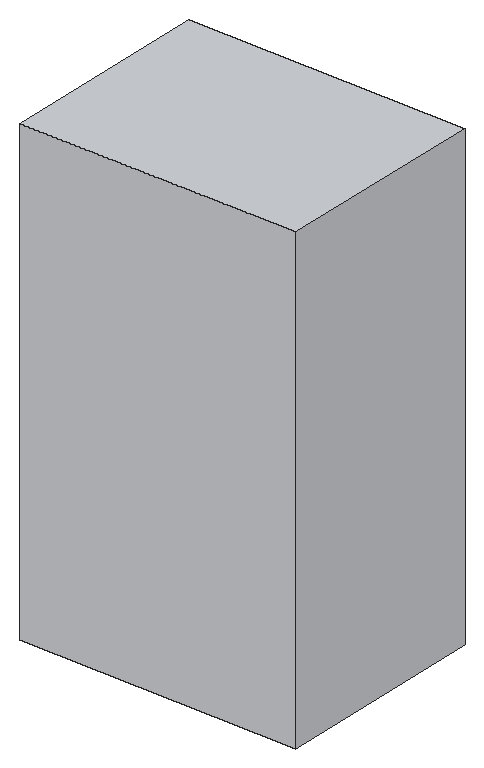
Revit family
Parameters
  Trim Material = Metal - Stainless Steel
  Body Material = Metal - Stainless Steel
  Warranty Duration (Years) = 0
  URL = "http://www.americanspecialties.com/viewCategories.cfm"
  Test Data = ""
  Specification = "http://www.arcat.com/sdspecs/htm/10810asi.htm"
  SpecWizard = ""
  Send Message = "http://www.arcat.com/users.pl?action=UserEmail&company=American%20Specialties,%20Inc.&coid=30448&rep=139&fax=914-476-0688&mf="
  Sales Information = "http://www.americanspecialties.com/contact"
  Revision = "R1_10-2010"
  Product Properties = "http://www.americanspecialties.com/datasheets/0245-ss.pdf"
  Product Data = "http://www.arcat.com/arcatcos/cos30/arc30448.html"
  Model = "As Specified in 10 28 13"
  Manufacturer Website = "http://www.americanspecialties.com/viewCategories.cfm"
  Manufacturer Phone - Toll Free = ""
  Manufacturer Phone = "914-476-9000 "
  Manufacturer Fax = "914-476-0688"
  Manufacturer Address = "441 Saw Mill River Rd., Yonkers, NY 10701"
  Manufacturer = "American Specialties, Inc."
  Maintenance Schedule (Months) = 0
  Keynote = "10 28 13"
  Installation-Fabrication = "http://www.americanspecialties.com/products.cfm"
  Green Building-LEED = ""
  Expected Lifespan (Years) = 0
  Drawn By = "Robert S. Weygant. CSI, CDT, SCIP"  # constant formula
  Description = "Toilet Accessory as Specified in 10 28 13"
  Default Elevation = 4' - 0"
  Copyright = "©Arcat Inc."
  Construction Details = "http://www.arcat.com/green/clients/leed_data_30448.html"
  Building Codes = "http://www.americanspecialties.com/products.cfm"
  Assembly Code = "C1030210"
Reference planes (in)
  plane 1 "Center (Front/Back)": y = -0.29112
  plane 2 "Floor Line": z = 0
  plane 3 "Center (Left/Right)": x = -0.65843
  plane 4: y = 2.83388
  plane 5: y = -3.41612
  plane 6: x = -6.28343
  plane 7: x = 4.96657
  plane 8: z = 5.375
  plane 9: z = 5.125
Forms (in)
  Extrusion 1, solid
    sketch origin (-3.65843, -11.33735, -6) x (0, 0, -1) y (1, 0, 0)
      loop
        line (-82, 26) -> (-82, -19.34712) -> (-6, -19.34712) -> (-6, 26) -> (-82, 26)
    from 9 to -25.60721
  Extrusion 2, solid, material "Metal - Stainless Steel" <- "Body Material"
    sketch origin (0, 0, -0.25) x (1, 0, 0) y (0, 1, 0)
      loop
        line (-6.22093, 2.77138) -> (-6.22093, -3.41612) -> (4.90407, -3.41612) -> (4.90407, 2.77138) -> (-6.22093, 2.77138)
      loop
        line (-6.15843, 2.70888) -> (-6.15843, -3.35362) -> (4.84157, -3.35362) -> (4.84157, 2.70888) -> (-6.15843, 2.70888)
    from 0.25 to 5.375
  Extrusion 3, solid, material "Metal - Stainless Steel" <- "Body Material"
    sketch origin (0, 0, 0) x (1, 0, 0) y (0, 1, 0)
      loop
        arc (-6.15843, 2.83388) -> (-6.24682, 2.79727) -> (-6.28343, 2.70888) r 0.125
        line (-6.28343, 2.70888) -> (-6.28343, -3.41612) -> (4.96657, -3.41612) -> (4.96657, 2.70888)
        arc (4.96657, 2.70888) -> (4.92995, 2.79727) -> (4.84157, 2.83388) r 0.125
        line (4.84157, 2.83388) -> (-6.15843, 2.83388)
    from 5.125 to 5.375
  Extrusion 4, void
    sketch origin (0, 0, 5.28347) x (1, 0, 0) y (0, 1, 0)
      loop
        line (-5.28343, 1.83388) -> (-5.28343, -2.35362) -> (3.96657, -2.35362) -> (3.96657, 1.83388) -> (0.21657, 1.83388)
        arc (0.21657, 1.83388) -> (-0.65843, 1.37251) -> (-1.53343, 1.83388) r 1.06041
        line (-1.53343, 1.83388) -> (-5.28343, 1.83388)
    from 0 to 0.09153
  Extrusion 5, void
    sketch origin (0, 0, 6.89054) x (1, 0, 0) y (0, 1, 0)
      loop
        line (-0.59593, -1.98858) -> (-0.59593, -1.23858)
        arc (-0.59593, -1.23858) -> (-0.65843, -1.17608) -> (-0.72093, -1.23858) r 0.0625
        line (-0.72093, -1.23858) -> (-0.72093, -1.98858)
        arc (-0.72093, -1.98858) -> (-0.65843, -2.05108) -> (-0.59593, -1.98858) r 0.0625
    from -1.76554 to -1.60707
  Extrusion 6, solid, material "Metal - Stainless Steel" <- "Body Material"
    sketch origin (0, 0, 5.4181) x (1, 0, 0) y (0, 1, 0)
      loop
        circle (-0.65843, 1.84256) r 0.20221
      loop
        line (-0.69035, 1.96072) -> (-0.69035, 1.71072) -> (-0.62362, 1.71072) -> (-0.62362, 1.96072) -> (-0.69035, 1.96072)
    from -0.0431 to 0
  Extrusion 7, solid, material "Metal - Stainless Steel" <- "Body Material"
    sketch origin (0, 0, 0) x (1, 0, 0) y (0, 1, 0)
      loop
        line (4.90407, 2.77138) -> (-6.22093, 2.77138) -> (-6.22093, -3.41612) -> (4.90407, -3.41612) -> (4.90407, 2.77138)
    from 0 to 0.0625
  Extrusion 8, void
    sketch origin (0.53637, -4.33847, 0) x (1, 0, 0) y (0, 1, 0)
      loop
        arc (-5.41631, 5.56961) -> (-5.31981, 5.20943) -> (-5.2233, 5.56961) r 0.19302
        line (-5.2233, 5.56961) -> (-5.2233, 5.82585)
        arc (-5.2233, 5.82585) -> (-5.31981, 5.92235) -> (-5.41631, 5.82585) r 0.09651
        line (-5.41631, 5.82585) -> (-5.41631, 5.56961)
      loop
        line (3.0267, 5.56961) -> (3.0267, 5.82585)
        arc (3.0267, 5.82585) -> (2.93019, 5.92235) -> (2.83369, 5.82585) r 0.09651
        line (2.83369, 5.82585) -> (2.83369, 5.56961)
        arc (2.83369, 5.56961) -> (2.93019, 5.20943) -> (3.0267, 5.56961) r 0.19302
      loop
        arc (-5.41631, 2.12659) -> (-5.31981, 1.76642) -> (-5.2233, 2.12659) r 0.19302
        line (-5.2233, 2.12659) -> (-5.2233, 2.38283)
        arc (-5.2233, 2.38283) -> (-5.31981, 2.47934) -> (-5.41631, 2.38283) r 0.09651
        line (-5.41631, 2.38283) -> (-5.41631, 2.12659)
      loop
        line (3.0267, 2.12659) -> (3.0267, 2.38283)
        arc (3.0267, 2.38283) -> (2.93019, 2.47934) -> (2.83369, 2.38283) r 0.09651
        line (2.83369, 2.38283) -> (2.83369, 2.12659)
        arc (2.83369, 2.12659) -> (2.93019, 1.76642) -> (3.0267, 2.12659) r 0.19302
    from 0 to 0.0625
  Extrusion 9, solid, material "Metal - Stainless Steel" <- "Body Material"
    sketch origin (-2.19759, 0, 0) x (0, 1, 0) y (0, 0, 1)
      loop
        line (-3.35362, 2.21272) -> (-3.74302, 2.21272) -> (-3.91979, 2.03594) -> (-3.8756, 1.99175) -> (-3.71713, 2.15022) -> (-3.35362, 2.15022) -> (-3.35362, 2.21272)
      loop
        line (-3.35362, 3.21272) -> (-3.35362, 3.27522) -> (-3.71713, 3.27522) -> (-3.8756, 3.43369) -> (-3.91979, 3.38949) -> (-3.74302, 3.21272) -> (-3.35362, 3.21272)
    from -1.46085 to 4.53915
  Extrusion 10, void
    sketch origin (0, -0.29112, 0) x (1, 0, 0) y (0, 0, 1)
      loop
        line (-3.65843, 3.21272) -> (-3.65843, 2.21272) -> (2.34157, 2.21272) -> (2.34157, 3.21272) -> (-3.65843, 3.21272)
    from 3.0625 to 3.125
Cuts and joins
  Extrusion 4, Extrusion 5, Extrusion 8, Extrusion 10 cuts Extrusion 2
  Extrusion 8, Extrusion 10 cuts Extrusion 7
  joined: Extrusion 2, Extrusion 7
  Extrusion 4, Extrusion 5 cuts Extrusion 3
  Extrusion 10 cuts Extrusion 9
Dimensions and locks (in)
  aligned and locked: plane 4 to Extrusion 3 sketch curve
  aligned and locked: plane 9 to cut or joined group of Extrusion 2, Extrusion 4, Extrusion 5, Extrusion 7, Extrusion 8, Extrusion 10
  aligned and locked: cut or joined group of Extrusion 3, Extrusion 4, Extrusion 5 to plane 9
  aligned and locked: plane 8 to cut or joined group of Extrusion 3, Extrusion 4, Extrusion 5
  aligned and locked: Extrusion 5 to Extrusion 4
  aligned and locked: Extrusion 7 sketch curve to cut or joined group of Extrusion 2, Extrusion 4, Extrusion 5, Extrusion 7, Extrusion 8, Extrusion 10  (x4)
  aligned and locked: Extrusion 7 to level
  aligned and locked: Extrusion 10 sketch curve to Extrusion 9  (x4)
